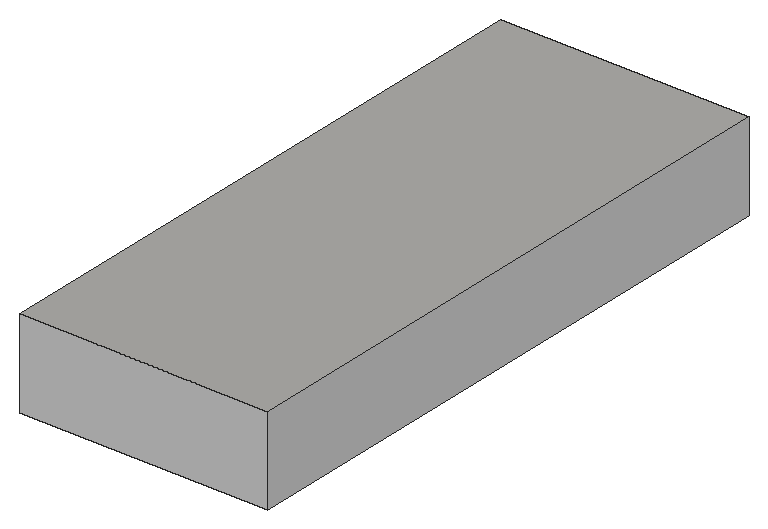
Revit family "AA-07", category Устройства связи, Revit 2016
Family settings
  Сохранять ориентацию аннотаций = Нет
  Тип детали = Нормальный
  Размер круглого соединителя = Использовать диаметр
  На основе рабочей плоскости = Да
  Всегда вертикально = Нет
  При загрузке вырезать с полостями = Нет
  Общий = Да
  Точка расчета площади = Нет
Parameters (values of type "AA-07")
  Цветовое решение = "Серебристо-серый"  # constant formula
  Угол обзора = "По горизонтали 80°, по вертикали 64°"  # constant formula
  Тип установки = "Врезная, накладная с BR-AA"  # constant formula
  Тип панели = "Многоквартирная"  # constant formula
  Тип клавиатуры = "Механические кнопки с подсветкой"  # constant formula
  Температурный режим = "-40 ... +65 °С"  # constant formula
  Режим разговора = "Двухсторонний"  # constant formula
  Разрешение камеры = "1.3 Мп"  # constant formula
  Размер самой панели = "155х375х55 мм"  # constant formula
  Размер под установку = "138х350х55 мм"  # constant formula
  Потребление питания = "6,5 Вт, в режиме ожидания – 3,6 Вт"  # constant formula
  Питание = "+12 В"  # constant formula
  Default Elevation = 0 mm
  Открытие замка = "С монитора, по коду, по карте, из приложений BAS-IP Intercom и BAS-IP UKEY"  # constant formula
  Описание = "AA-07BC/BV – многоабонентская вызывная панель, которая сделала возможным звонки с данного устройства как на двухпроводные цифровые системы домофонии, так и на IP домофоны. Версия BV поддерживает координатно-матричные системы домофонии."  # constant formula
  Ночная подсветка = "6 светодиодов"  # constant formula
  Минимальная освещенность = "0,01 LuX"  # constant formula
  Материал корпуса = Серебро
  Корпус = "Металлический"  # constant formula
  Контроль доступа = "Считыватель беcконтактных карт EM-Marin / MIFARE / UKEY (NFC / Bluetooth)"  # constant formula
  Количество мелодий вызова = "4 полифонические мелодии"  # constant formula
  Кнопки быстрого вызова = "Кнопка вызова консьержа"  # constant formula
  Класс степени защиты = "IP65"  # constant formula
  Камера = "1/4”, регулировка направления камеры"  # constant formula
  Интерфейс = "Русский/английский, WEB–интерфейс"  # constant formula
  Интеграция со СКУД = "Выход WIEGAND-26"  # constant formula
  Изображение типоразмера = <Нет>
  Изображение = SHV_Изображение_AA-07
  Изготовитель = "BAS-IP"  # constant formula
  Дополнительно = "SIP P2P, Встроенное реле"  # constant formula
  Дисплей = "4,3” TFT, цветной с подсветкой"  # constant formula
  Группа модели = "Вызывная панель"  # constant formula
  Выходное видео = "HD (1280х720), H.264 Main Profile, BaseLine Profile"  # constant formula
  Аутентификация = "Отдельный пароль на настройки, WEB–интерфейс"  # constant formula
  URL = "https://www.bas-ip.ru"
  Email = "support@bimlib.ru"  # constant formula
  BIM library = "https://bimlib.ru/manufacturer/"  # constant formula
  ADSK_Размер_Ширина = 375 mm  # constant formula
  ADSK_Размер_Толщина = 55 mm  # constant formula
  ADSK_Размер_Длина = 155 mm  # constant formula
  ADSK_Примечание = ""
  ADSK_Полная мощность = ADSK_Номинальная мощность / ADSK_Коэффициент мощности  # 7.22222 VA
  ADSK_Позиция = ""
  ADSK_Обозначение = ""
  ADSK_Номинальная мощность = 6.5 W  # constant formula
  ADSK_Напряжение = 12 V  # constant formula
  ADSK_Наименование краткое = ADSK_Марка  # "AA-07"
  ADSK_Наименование = "ВЫЗЫВНАЯ ПАНЕЛЬ AA-07"
  ADSK_Масса_Текст = ""
  ADSK_Марка = "AA-07"
  ADSK_Коэффициент мощности = 0.9  # constant formula
  ADSK_Количество фаз = 1
  ADSK_Код изделия = ""
  ADSK_Классификация нагрузок = Вызывная панель
  ADSK_Зона = ""
  ADSK_Завод-изготовитель = Изготовитель  # "BAS-IP"
  ADSK_Единица измерения = "шт"  # constant formula
  ADSK_Версия Revit = "Revit 2016"  # constant formula
  ADSK_URL страницы изделия = "https://www.bas-ip.ru/catalog/panels/aa-07bc-silver/"
  ADSK_URL документации изделия = "https://wiki.bas-ip.com/display/AA07v4"
Reference planes
  plane 1 "По центру (Вперед/Назад)": y = 0
  plane 2: z = 0
  plane 3 "По центру (Влево/Вправо)": x = 0
  plane 4: x = -77.5
  plane 5: y = 187.5
  plane 6: x = 77.5
  plane 7: y = -187.5
  plane 8: z = 3
  plane 9 "Плоскость для коннекторов": z = -52
Forms (mm)
  Extrusion 1, solid, material "Серебро" <- "Материал корпуса", detail levels medium+fine
    sketch origin (0, 0, 0) x (1, 0, 0) y (0, 1, 0)
      loop
        line (-77.5, 187.5) -> (-77.5, -187.5) -> (77.5, -187.5) -> (77.5, 187.5) -> (-77.5, 187.5)
    from -52 to 3
Lines and regions (mm)
  model lines, detail levels coarse
    curve 1: line (-77.5, 187.5, 0) -> (77.5, 187.5, 0)
    curve 2: line (-77.5, -187.5, 0) -> (-77.5, 187.5, 0)
    curve 3: line (77.5, -187.5, 0) -> (-77.5, -187.5, 0)
    curve 4: line (77.5, 187.5, 0) -> (77.5, -187.5, 0)
Dimensions and locks
  equal spacing: plane 4, plane 3 "По центру (Влево/Вправо)", plane 6
  "ADSK_Размер_Длина": plane 4 to plane 6
  "ADSK_Размер_Ширина": plane 5 to plane 7
  equal spacing: plane 5, plane 1 "По центру (Вперед/Назад)", plane 7
  plane 8 to plane 2 = 3 mm
  plane 3 "По центру (Влево/Вправо)" to Extrusion 1 = 77.5 mm
  "ADSK_Размер_Толщина": plane 8 to plane 9 "Плоскость для коннекторов"
  aligned and locked: level to plane 2
  aligned and locked: Extrusion 1 sketch curve to plane 4
  aligned and locked: Extrusion 1 sketch curve to plane 5
  aligned and locked: Extrusion 1 sketch curve to plane 6
  aligned and locked: Extrusion 1 sketch curve to plane 7
  aligned and locked: curve 1 to Extrusion 1
  aligned and locked: curve 2 to Extrusion 1
  aligned and locked: curve 3 to Extrusion 1
  aligned and locked: curve 4 to Extrusion 1
  aligned and locked: plane 8 to Extrusion 1
  aligned and locked: Extrusion 1 to plane 9 "Плоскость для коннекторов"
Connectors
  electrical at (0, -49.5, -52)
    settings: on plane 9 "Плоскость для коннекторов", index 4, voltage 0 V, apparent load 0 VA, apparent load phase1 0 VA, apparent load phase2 0 VA, apparent load phase3 0 VA, power factor 1, load classification "Прочее", number of poles 1, system type 13, power factor state 1, is connector primary yes, connector utility no, sub classification motor no, connector description "Магнитный замок"
  electrical at (-19.5, -49.5, -52)
    settings: on plane 9 "Плоскость для коннекторов", index 5, voltage 0 V, apparent load 0 VA, apparent load phase1 0 VA, apparent load phase2 0 VA, apparent load phase3 0 VA, power factor 1, load classification "Прочее", number of poles 1, system type 5, power factor state 1, is connector primary no, connector utility no, sub classification motor no, connector description "RJ-45 Ethernet UTP Cat5e"
  electrical at (19.5, -49.5, -52), driven by "ADSK_Количество фаз", driven by "ADSK_Классификация нагрузок", driven by "ADSK_Напряжение", driven by "ADSK_Полная мощность", driven by "ADSK_Коэффициент мощности"
    settings: on plane 9 "Плоскость для коннекторов", index 6, voltage 12 V, apparent load 7.22222 VA, apparent load phase1 0 VA, apparent load phase2 0 VA, apparent load phase3 0 VA, power factor 0.9, load classification "Вызывная панель", number of poles 1, system type 30, power factor state 1, is connector primary no, connector utility no, sub classification motor no, connector description ""
